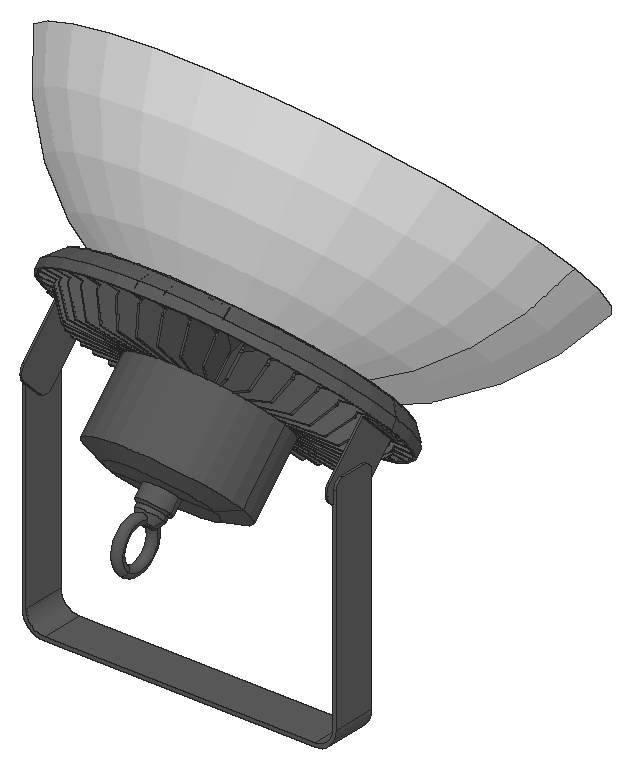
Revit family "0039362+0039353+0039356 Sylvania Lighting Fixture START HighBay IP65 DALI 13000lm 840 MB with BRACKET and ALU SHADE ALU COLOR FOR 13 19KLM", category Lighting Fixtures, host Face, Revit 2016
Family settings
  Host = Face
  Part Type = Normal
  Round Connector Dimension = Use Diameter
  OmniClass Number = 23.80.70.00
  OmniClass Title = Lighting
  Cut with Voids When Loaded = No
  Light Source = No
  Shared = No
  Room Calculation Point = No
Parameters (values of type "0039362+0039353+0039356  START HighBay IP65 DALI 13000lm 840 MB with BRACKET and ALU SHADE ALU COLOR FOR 13/19KLM")
  Weight = "3.0 kg"
  Wattage Comments = ""
  WarrantyStartDate [instance] = "n/a"
  WarrantyGuarantorParts = "n/a"
  WarrantyDurationUnit = "n/a"
  WarrantyDurationParts = "n/a"
  WarrantyDescription = "n/a"
  Voltage = 0 V
  URL = "http://www.sylvania-lighting.com"
  TypeName = "START HighBay IP65 DALI 13000lm 840 MB with BRACKET and ALU SHADE ALU COLOR FOR 13/19KLM"
  TypeHead_FEILO = Start LED Highbay DALI Head : 0039362+0039353+0039356 START HighBay IP65 DALI 13000lm 840 MB with BRACKET and ALU SHADE ALU COLOR FOR 13/19KLM
  Type Image = <None>
  Type Comments = "n/a"
  TiltAngle_FEILO [instance] = 45.00°
  ThicknessBracketPlate_FEILO = 3 mm
  SizeBracketS_FEILO = yes
  SizeBracketM_FEILO = no
  SerialNumber [instance] = "n/a"
  RadiusBracketTop_FEILO = 7 mm
  RadiusBendOut_FEILO = if(SizeBracketS_FEILO, 18 mm, if(SizeBracketM_FEILO, 24 mm, 28 mm))  # 18 mm
  RadiusBendIn_FEILO = RadiusBendOut_FEILO - ThicknessBracketPlate_FEILO  # 15 mm
  Material_3_FEILO = none
  PowerFactor = 0.95
  PowerConsumption = "90 W"
  NominalLength = 270 mm
  NominalHeight = 175 mm
  NominalDepth = 270 mm
  Name = "START HighBay IP65 DALI 13000lm 840 MB with BRACKET and ALU SHADE ALU COLOR FOR 13/19KLM"
  ModelReference = Name  # "START HighBay IP65 DALI 13000lm 840 MB with BRACKET and ALU SHADE ALU COLOR FOR 13/19KLM"
  ModelNumber = "0039362+0039353+0039356"
  Model = Name  # "START HighBay IP65 DALI 13000lm 840 MB with BRACKET and ALU SHADE ALU COLOR FOR 13/19KLM"
  Material = "aluminium alloy housing, polycarbonate diffuser"
  ManufacturerName = "Feilo Sylvania"
  Manufacturer = "Feilo Sylvania"
  LuminousEfficacy = "130 lm/W"
  LuminaireType = ""
  LightOutputRatio = "n/a"
  LampsType = Lamp  # "LED"
  LampNominalLuminous = "11700 lm"
  LampMacAdamStep = "6"
  LampColourTemperature = "4000 K"
  LampColourRenderingIndex = "80"
  Lamp = "LED"
  Keynote = "16500"
  InstallationDate [instance] = "n/a"
  InputVoltage = "n/a"
  InputNominalFrequency = "50/60 Hz"
  IngressProtection = "IP65"
  ImpactProtectionIndex = "IK08"
  IfcExportType = "IfcLightFixtureType"
  IfcExportAs = "IfcLightFixtureType"
  ExpectedLife = 50000
  EndAngle_FEILO [instance] = TiltAngle_FEILO + 180.00°  # 225.00°
  ElectricShockClassification = "Class I"
  DurationUnit = "hours"
  DocumentationLiterature = "http://www.sylvania-lighting.com/product/en-int/products/0039362"
  DimmingControlOptions = "Dimmable"
  Material_2_FEILO = none
  Description = "START Highbay, includes 1 m cables, black aluminium housing, 11,700 Lm, 90 W, 130 Lm/W, 4000 K, drive current: 2000 mA, CRI 80, 60° beam angle, DALI dimmable, IP65, IK08, 50,000 hrs (L80/B50), (D x H) 270 x 175 mm."
  Default Elevation = 1219.2 mm
  CreatedOn = "5/15/2018"
  CreatedBy = "aron.fodor@sylvania-lighting.com"
  Cost = 0
  built-in parameter 1114216 [instance] = (empty or 0)
  ClassificationValue = "EF_70_80"
  ClassificationName = "Uniclass2015"
  Material_1_FEILO = Body-Sylvania-StartHighbay-Black
  BracketHeight_FEILO = if(SizeBracketS_FEILO, 199.5 mm, if(SizeBracketM_FEILO, 209.6 mm, 201.3 mm))  # 199.5 mm
  BracketDistanceInner_FEILO = if(SizeBracketS_FEILO, 249.4 mm, if(SizeBracketM_FEILO, 273.6 mm, 313.2 mm))  # 249.4 mm
  BarCode [instance] = "n/a"
  AssetType = "Fixed"
  AssetIdentifier [instance] = "n/a"
  Assembly Code = "D5020200"
  Apparent Load = 90 VA
  Material_4_FEILO = none
Reference planes
  plane 1 "Center (Front/Back)": y = 0
  plane 2: z = 0
  plane 3 "Center (Left/Right)": x = 0
  plane 4: x = -127.7
  plane 5: x = 127.7
  plane 6: z = 199.5
  plane 7: x = -124.7
  plane 8: z = 3
  plane 9: x = 124.7
  plane 10: y = 17.5
  plane 11: y = -17.5
  plane 12: y = -19.5
  plane 13: z = 201.5
  plane 14: y = 19.5
  plane 15: z = 190.5
Forms (mm)
  Extrusion 1, solid, material "Body-Sylvania-StartHighbay-Black" <- "Material_1_FEILO"
    sketch origin (0, 0, 0) x (1, 0, 0) y (0, 0, 1)
      loop
        line (-127.7, 199.5) -> (-127.7, 18)
        arc (-127.7, 18) -> (-122.428, 5.272) -> (-109.7, 0) r 18
        line (-109.7, 0) -> (109.7, 0)
        arc (109.7, 0) -> (122.428, 5.272) -> (127.7, 18) r 18
        line (127.7, 18) -> (127.7, 199.5) -> (124.7, 199.5) -> (124.7, 18)
        arc (124.7, 18) -> (120.307, 7.393) -> (109.7, 3) r 15
        line (109.7, 3) -> (-109.7, 3)
        arc (-109.7, 3) -> (-120.307, 7.393) -> (-124.7, 18) r 15
        line (-124.7, 18) -> (-124.7, 199.5) -> (-127.7, 199.5)
    from -17.5 to 17.5
  Extrusion 2, void
    sketch origin (0, 0, 0) x (0, 1, 0) y (0, 0, 1)
      loop
        arc (10.5, 199.5) -> (15.45, 197.45) -> (17.5, 192.5) r 7
        line (17.5, 192.5) -> (19.5, 192.5) -> (19.5, 201.5) -> (-19.5, 201.5) -> (-19.5, 192.5) -> (-17.5, 192.5)
        arc (-17.5, 192.5) -> (-15.45, 197.45) -> (-10.5, 199.5) r 7
        line (-10.5, 199.5) -> (10.5, 199.5)
    from -127.7 to 127.7
  Revolve 3, solid, not visible
    sketch origin (1223.4, -4572, 190.5) x (0, -1, 0) y (1, 0, 0)
      loop
        line (-4572, -1223.4) -> (-4591.5, -1223.4) -> (-4591.5, -1277.783) -> (-4572, -1277.783) -> (-4572, -1223.4)
      axis (-4572, -1223.4) -> (-4572, -1277.783)
    angle from 45 <- "TiltAngle_FEILO" to 225 <- "EndAngle_FEILO"
Cuts and joins
  Extrusion 2 cuts Extrusion 1
Dimensions and locks
  "BracketHeight_FEILO": plane 6 to plane 2
  equal spacing: plane 11, plane 1 "Center (Front/Back)", plane 10
  locked: plane 11 to plane 10 at 35
  equal spacing: plane 9, plane 3 "Center (Left/Right)", plane 7
  "BracketDistanceInner_FEILO": plane 9 to plane 7
  "ThicknessBracketPlate_FEILO": plane 7 to plane 4
  "ThicknessBracketPlate_FEILO": plane 8 to plane 2
  equal spacing: plane 5, plane 3 "Center (Left/Right)", plane 4
  equal spacing: plane 12, plane 1 "Center (Front/Back)", plane 14
  locked: plane 6 to plane 13 at 2
  locked: plane 12 to plane 11 at 2
  locked: plane 6 to plane 15 at 9
  "RadiusBendOut_FEILO": radius of Extrusion 1 sketch curve  (x2)
  "RadiusBendIn_FEILO": radius of Extrusion 1 sketch curve  (x2)
  "RadiusBracketTop_FEILO": radius of Extrusion 2 sketch curve  (x2)
  aligned and locked: plane 2 to host face
  aligned and locked: level to host face
  aligned and locked: Extrusion 1 sketch curve to plane 4
  aligned and locked: Extrusion 1 sketch curve to level
  aligned and locked: plane 6 to Extrusion 1 sketch curve
  aligned and locked: Extrusion 1 sketch curve to plane 6
  aligned and locked: Extrusion 1 sketch curve to plane 7
  aligned and locked: plane 9 to Extrusion 1 sketch curve
  aligned and locked: plane 8 to Extrusion 1 sketch curve
  aligned and locked: Extrusion 1 to plane 10
  aligned and locked: plane 11 to Extrusion 1
  aligned and locked: Extrusion 1 to Extrusion 2 sketch curve
  aligned and locked: plane 14 to Extrusion 2 sketch curve  (x2)
  aligned and locked: Extrusion 2 sketch curve to plane 12
  aligned and locked: plane 13 to Extrusion 2 sketch curve
  aligned and locked: plane 5 to Extrusion 2
  aligned and locked: Extrusion 2 to plane 4
  aligned and locked: Revolve 3 sketch curve to plane 1 "Center (Front/Back)"
  aligned and locked: Revolve 3 sketch curve to Revolve 3 sketch curve
  aligned and locked: plane 3 "Center (Left/Right)" to Revolve 3 sketch curve
  aligned and locked: Revolve 3 sketch curve to plane 14
  aligned and locked: nested 1 to plane 3 "Center (Left/Right)"
Automatic sketch dimensions
  host sketch curve to host sketch curve = 2438.4 mm  (x2)
  Revolve 3 sketch curve to Revolve 3 sketch curve = 54.383 mm
  Revolve 3 sketch curve to plane 4 = 1396.3 mm
  plane 5 to Revolve 3 sketch curve = 1396.3 mm
  Extrusion 1 sketch curve to Extrusion 1 sketch curve = 0 mm
  Extrusion 2 sketch curve to plane 11 = 0 mm
  Extrusion 2 sketch curve to plane 10 = 0 mm
Nested families
  nested 1: "Start LED Highbay DALI Head" at (0, 0, 190.5) x (-1, 0, 0) z (0, 0.7071, 0.7071), type <- "TypeHead_FEILO", type "0039362+0039353+0039356 START HighBay IP65 DALI 13000lm 840 MB with BRACKET and ALU SHADE ALU COLOR FOR 13/19KLM"
    with built-in parameter 1114216 (empty or 0)
Connectors
  electrical at (0, 0, 0), driven by "Apparent Load", driven by "PowerFactor", driven by "Voltage"
    settings: index 1, voltage 0 V, apparent load 90 VA, apparent load phase1 0 VA, apparent load phase2 0 VA, apparent load phase3 0 VA, power factor 0.95, load classification "Lighting", number of poles 1, system type 30, power factor state 1, is connector primary yes, connector utility no, sub classification motor no, connector description ""
Definition of nested family "Start LED Highbay DALI Head"
  Parameters (values of type "0039367+0039355+0039361 START HighBay IP65 DALI 26000lm 840 WB with BRACKET and PC LAMPSHADE TRANSPARENT FOR 26KLM")
    X_FEILO = if(SizeS_FEILO, 60.3 mm, if(SizeM_FEILO, 70.4 mm, 83.5 mm))  # 83.5 mm
    WidthStraight_FEILO = if(SizeS_FEILO, 3 mm, if(SizeM_FEILO, 4 mm, 4.7 mm))  # 4.7 mm
    WidthRingChamfer_FEILO = if(SizeS_FEILO, 10.3 mm, if(SizeM_FEILO, 11.2 mm, 12.9 mm))  # 12.9 mm
    WidthCurved_FEILO = if(SizeS_FEILO, 17.4 mm, if(SizeM_FEILO, 16.4 mm, 26.2 mm))  # 26.2 mm
    WidthCurvedRing_FEILO = if(SizeS_FEILO, 3 mm, if(SizeM_FEILO, 4 mm, 4.7 mm))  # 4.7 mm
    WidthBracket_FEILO = 40 mm
    Wattage Comments = ""
    Wattage = 190 W
    built-in parameter 1150110 = 1 (stored number, unit not read)
    URL = "http://www.sylvania-lighting.com"
    Type Image = (empty or 0)
    Type Comments = "n/a"
    built-in parameter 1114217 = 1 (stored number, unit not read)
    Tilt Angle = -90.00°
    ThicknessWall_FEILO = 1.5 mm
    ThicknessBracket_FEILO = 1.5 mm
    ThicknessBracketHalf_FEILO = ThicknessBracket_FEILO / 2  # 0.75 mm
    built-in parameter 1150109 = 1 (stored number, unit not read)
    built-in parameter 1150134 = 1
    built-in parameter 1150113 = 1 (stored number, unit not read)
    SizeS_FEILO = no
    SizeM_FEILO = no
    ShadeThickness_FEILO = 3 mm
    ShadeSizeSM_FEILO = or(SizeS_FEILO, SizeM_FEILO)  # no
    ShadeRadiusOut_FEILO = 205 mm
    ShadeRadiusIn_FEILO = if(ShadeSizeSM_FEILO, 95 mm, 121 mm)  # 121 mm
    ShadeRadiusBend_FEILO = if(ShadeSizeSM_FEILO, 210 mm, 210 mm)  # 210 mm
    ShadeOn_FEILO = yes
    ShadeHeight_FEILO = if(ShadeSizeSM_FEILO, 120 mm, 151 mm)  # 151 mm
    Rib4_FEILO = if(SizeS_FEILO, 18.1 mm, if(SizeM_FEILO, 13.6 mm, 14.6 mm))  # 14.6 mm
    Rib3_FEILO = if(SizeS_FEILO, 15.3 mm, if(SizeM_FEILO, 17.6 mm, 20.2 mm))  # 20.2 mm
    Rib2_FEILO = if(SizeS_FEILO, 3.6 mm, if(SizeM_FEILO, 3.9 mm, 4.5 mm))  # 4.5 mm
    Rib1_FEILO = if(SizeS_FEILO, 15.1 mm, if(SizeM_FEILO, 16.5 mm, 19 mm))  # 19 mm
    RadiusDiffuser_FEILO = if(SizeS_FEILO, 95.2 mm, if(SizeM_FEILO, 105.3 mm, 120 mm))  # 120 mm
    RadiusArrayPost_FEILO = DriverRadius_FEILO - 6 mm  # 70.4 mm
    RHRadius3_FEILO = if(SizeS_FEILO, 6.6 mm, if(SizeM_FEILO, 7.4 mm, 8.6 mm))  # 8.6 mm
    RHRadius2_FEILO = if(SizeS_FEILO, 11 mm, if(SizeM_FEILO, 12 mm, 14 mm))  # 14 mm
    RHRadius1_FEILO = if(SizeS_FEILO, 13.6 mm, if(SizeM_FEILO, 14.9 mm, 17.7 mm))  # 17.7 mm
    RHHeight4_FEILO = if(SizeS_FEILO, 7.3 mm, if(SizeM_FEILO, 8 mm, 9.2 mm))  # 9.2 mm
    RHHeight3_FEILO = if(SizeS_FEILO, 3.6 mm, if(SizeM_FEILO, 3.7 mm, 4.6 mm))  # 4.6 mm
    RHHeight2_FEILO = if(SizeS_FEILO, 2 mm, if(SizeM_FEILO, 2.2 mm, 2.6 mm))  # 2.6 mm
    RHHeight1_FEILO = if(SizeS_FEILO, 11.8 mm, if(SizeM_FEILO, 15.3 mm, 17.4 mm))  # 17.4 mm
    Photometric Web File = "0039367+0039361.ies"
    Material_5_FEILO = none
    Material_3_FEILO = none
    Model = "START HighBay IP65 DALI 26000lm 840 WB with BRACKET and PC LAMPSHADE TRANSPARENT FOR 26KLM"
    Manufacturer = "Feilo Sylvania"
    built-in parameter 1150105 = 33385.3 (stored number, unit not read)
    Lumens = 24700 lm
    built-in parameter 1150115 = 1 (stored number, unit not read)
    built-in parameter 1150137 = (empty or 0)
    built-in parameter 1150139 = (empty or 0)
    built-in parameter 1150112 = 1 (stored number, unit not read)
    built-in parameter 1150114 = 1 (stored number, unit not read)
    Lamp = "LED"
    Keynote = "16500"
    built-in parameter 1150132 = (empty or 0)
    built-in parameter 1150102 = (empty or 0)
    built-in parameter 1150107 = 6500 (stored number, unit not read)
    built-in parameter 1150138 = (empty or 0)
    built-in parameter 1150106 = 333.85 (stored number, unit not read)
    HeightRing_FEILO = if(SizeS_FEILO, 19.8 mm, if(SizeM_FEILO, 32 mm, 36.8 mm))  # 36.8 mm
    HeightRingChamfer_FEILO = if(SizeS_FEILO, 11.7 mm, if(SizeM_FEILO, 23.2 mm, 26.6 mm))  # 26.6 mm
    EyeThickness_FEILO = if(SizeS_FEILO, 8.4 mm, if(SizeM_FEILO, 9.2 mm, 10.5 mm))  # 10.5 mm
    EyeThicknessHalf_FEILO = EyeThickness_FEILO / 2  # 5.25 mm
    EyeInner_FEILO = if(SizeS_FEILO, 13.8 mm, if(SizeM_FEILO, 15.1 mm, 17.3 mm))  # 17.3 mm
    Emit from Circle Diameter = RadiusDiffuser_FEILO * 2  # 240 mm
    Emit Shape Visible in Rendering = no
    built-in parameter 1150104 = 12.077 (stored number, unit not read)
    DriverVerticalStraight_FEILO = if(SizeS_FEILO, 46.5 mm, if(SizeM_FEILO, 49.7 mm, 57 mm))  # 57 mm
    DriverVerticalChamfer_FEILO = if(SizeS_FEILO, 7.5 mm, if(SizeM_FEILO, 8.2 mm, 9.5 mm))  # 9.5 mm
    DriverRadius_FEILO = if(SizeS_FEILO, 61.4 mm, if(SizeM_FEILO, 67.2 mm, 76.4 mm))  # 76.4 mm
    DriverRadiusTop_FEILO = if(SizeS_FEILO, 42 mm, if(SizeM_FEILO, 45.3 mm, 52.4 mm))  # 52.4 mm
    DriverBottom_FEILO = if(SizeS_FEILO, 56 mm, if(SizeM_FEILO, 64.5 mm, 74 mm))  # 74 mm
    Material_2_FEILO = none
    Radius_FEILO = if(SizeS_FEILO, 135 mm, if(SizeM_FEILO, 148 mm, 169.5 mm))  # 169.5 mm
    Dimming Lamp Color Temperature Shift = (empty or 0)
    DiameterWire_FEILO = 3 mm
    DiameterWireSupport_FEILO = 10 mm
    Description = "START Highbay, includes 1 m cables, black aluminium housing, 24,700 Lm, 190 W, 130 Lm/W, 6500 K, drive current: 4100 mA, CRI 80, 90° beam angle, DALI dimmable, IP65, IK08, 50,000 hrs (L80/B50), (D x H) 339 x 189 mm."
    Default Elevation = 1219.2 mm
    Cost = 0
    Color Filter = 16777215
    built-in parameter 1114216 [instance] = (empty or 0)
    Material_1_FEILO = none
    built-in parameter 1114218 = 1 (stored number, unit not read)
    built-in parameter 1150133 = 10 (stored number, unit not read)
    Assembly Code = "D5020200"
    Apparent Load = 190 VA
    Material_4_FEILO = none
  Types (24, lengths in mm): name | X_FEILO | WidthStraight_FEILO | WidthRingChamfer_FEILO | WidthCurved_FEILO | WidthCurvedRing_FEILO | Wattage | built-in parameter 1150134 | SizeS_FEILO | SizeM_FEILO | ShadeSizeSM_FEILO | ShadeRadiusIn_FEILO | ShadeOn_FEILO | ShadeHeight_FEILO | Rib4_FEILO | Rib3_FEILO | Rib2_FEILO | Rib1_FEILO | RadiusDiffuser_FEILO | RadiusArrayPost_FEILO | RHRadius3_FEILO | RHRadius2_FEILO | RHRadius1_FEILO | RHHeight4_FEILO | RHHeight3_FEILO | RHHeight2_FEILO | RHHeight1_FEILO | Photometric Web File | Model | built-in parameter 1150105 | Lumens | built-in parameter 1150107 | built-in parameter 1150106 | HeightRing_FEILO | HeightRingChamfer_FEILO | EyeThickness_FEILO | EyeThicknessHalf_FEILO | EyeInner_FEILO | Emit from Circle Diameter | DriverVerticalStraight_FEILO | DriverVerticalChamfer_FEILO | DriverRadius_FEILO | DriverRadiusTop_FEILO | DriverBottom_FEILO | Radius_FEILO | Description | Apparent Load
    0039367+0039355+0039361 START HighBay IP65 DALI 26000lm 840 WB with BRACKET and PC LAMPSHADE TRANSPARENT FOR 26KLM | 83.5 | 4.7 | 12.9 | 26.2 | 4.7 | 190 W | 1 | no | no | no | 121 | yes | 151 | 14.6 | 20.2 | 4.5 | 19 | 120 | 70.4 | 8.6 | 14 | 17.7 | 9.2 | 4.6 | 2.6 | 17.4 | "0039367+0039361.ies" | "START HighBay IP65 DALI 26000lm 840 WB with BRACKET and PC LAMPSHADE TRANSPARENT FOR 26KLM" | 33385.3 (stored number, unit not read) | 24700 lm | 6500 (stored number, unit not read) | 333.85 (stored number, unit not read) | 36.8 | 26.6 | 10.5 | 5.25 | 17.3 | 240 | 57 | 9.5 | 76.4 | 52.4 | 74 | 169.5 | "START Highbay, includes 1 m cables, black aluminium housing, 24,700 Lm, 190 W, 130 Lm/W, 6500 K, drive current: 4100 mA, CRI 80, 90° beam angle, DALI dimmable, IP65, IK08, 50,000 hrs (L80/B50), (D x H) 339 x 189 mm." | 190 VA
    0039367+0039355+0039360 START HighBay IP65 DALI 26000lm 840 WB with BRACKET and ALU SHADE BLACK COLOR FOR 26KLM | 83.5 | 4.7 | 12.9 | 26.2 | 4.7 | 190 W | 1 | no | no | no | 121 | yes | 151 | 14.6 | 20.2 | 4.5 | 19 | 120 | 70.4 | 8.6 | 14 | 17.7 | 9.2 | 4.6 | 2.6 | 17.4 | "0039367+0039360.ies" | "START HighBay IP65 DALI 26000lm 840 WB with BRACKET and ALU SHADE BLACK COLOR FOR 26KLM" | 33569.2 (stored number, unit not read) | 24700 lm | 6500 (stored number, unit not read) | 335.69 (stored number, unit not read) | 36.8 | 26.6 | 10.5 | 5.25 | 17.3 | 240 | 57 | 9.5 | 76.4 | 52.4 | 74 | 169.5 | "START Highbay, includes 1 m cables, black aluminium housing, 24,700 Lm, 190 W, 130 Lm/W, 6500 K, drive current: 4100 mA, CRI 80, 90° beam angle, DALI dimmable, IP65, IK08, 50,000 hrs (L80/B50), (D x H) 339 x 189 mm." | 190 VA
    0039367+0039355+0039359 START HighBay IP65 DALI 26000lm 840 WB with BRACKET and ALU SHADE ALU COLOR FOR 26KLM | 83.5 | 4.7 | 12.9 | 26.2 | 4.7 | 190 W | 1 | no | no | no | 121 | yes | 151 | 14.6 | 20.2 | 4.5 | 19 | 120 | 70.4 | 8.6 | 14 | 17.7 | 9.2 | 4.6 | 2.6 | 17.4 | "0039367+0039359.ies" | "START HighBay IP65 DALI 26000lm 840 WB with BRACKET and ALU SHADE ALU COLOR FOR 26KLM" | 33569.2 (stored number, unit not read) | 24700 lm | 6500 (stored number, unit not read) | 335.69 (stored number, unit not read) | 36.8 | 26.6 | 10.5 | 5.25 | 17.3 | 240 | 57 | 9.5 | 76.4 | 52.4 | 74 | 169.5 | "START Highbay, includes 1 m cables, black aluminium housing, 24,700 Lm, 190 W, 130 Lm/W, 6500 K, drive current: 4100 mA, CRI 80, 90° beam angle, DALI dimmable, IP65, IK08, 50,000 hrs (L80/B50), (D x H) 339 x 189 mm." | 190 VA
    0039367+0039355 START HighBay IP65 DALI 26000lm 840 WB with BRACKET | 83.5 | 4.7 | 12.9 | 26.2 | 4.7 | 190 W | 1 | no | no | no | 121 | no | 151 | 14.6 | 20.2 | 4.5 | 19 | 120 | 70.4 | 8.6 | 14 | 17.7 | 9.2 | 4.6 | 2.6 | 17.4 | "0039367.ies" | "START HighBay IP65 DALI 26000lm 840 WB with BRACKET" | 13532 (stored number, unit not read) | 24700 lm | 6500 (stored number, unit not read) | 135.32 (stored number, unit not read) | 36.8 | 26.6 | 10.5 | 5.25 | 17.3 | 240 | 57 | 9.5 | 76.4 | 52.4 | 74 | 169.5 | "START Highbay, includes 1 m cables, black aluminium housing, 24,700 Lm, 190 W, 130 Lm/W, 6500 K, drive current: 4100 mA, CRI 80, 90° beam angle, DALI dimmable, IP65, IK08, 50,000 hrs (L80/B50), (D x H) 339 x 189 mm." | 190 VA
    0039366+0039354+0039358 START HighBay IP65 DALI 19000lm 840 WB with BRACKET and PC LAMPSHADE TRANSPARENT 13/19KLM | 70.4 | 4 | 11.2 | 16.4 | 4 | 150 W | 1 | no | yes | yes | 95 | yes | 120 | 13.6 | 17.6 | 3.9 | 16.5 | 105.3 | 61.2 | 7.4 | 12 | 14.9 | 8 | 3.7 | 2.2 | 15.3 | "0039366+0039358.ies" | "START HighBay IP65 DALI 19000lm 840 WB with BRACKET and PC LAMPSHADE TRANSPARENT 13/19KLM" | 26356.9 (stored number, unit not read) | 19500 lm | 6500 (stored number, unit not read) | 263.57 (stored number, unit not read) | 32 | 23.2 | 9.2 | 4.6 | 15.1 | 210.6 | 49.7 | 8.2 | 67.2 | 45.3 | 64.5 | 148 | "START Highbay, includes 1 m cables, black aluminium housing, 19,500 Lm, 150 W, 130 Lm/W, 6500 K, drive current: 3300 mA, CRI 80, 90° beam angle, DALI dimmable, IP65, IK08, 50,000 hrs (L80/B50), (D x H) 296 x 172 mm." | 150 VA
    0039366+0039354+0039357 START HighBay IP65 DALI 19000lm 840 WB with BRACKET and ALU SHADE BLACK COLOR FOR 13/19KLM | 70.4 | 4 | 11.2 | 16.4 | 4 | 150 W | 1 | no | yes | yes | 95 | yes | 120 | 13.6 | 17.6 | 3.9 | 16.5 | 105.3 | 61.2 | 7.4 | 12 | 14.9 | 8 | 3.7 | 2.2 | 15.3 | "0039366+0039357.ies" | "START HighBay IP65 DALI 19000lm 840 WB with BRACKET and ALU SHADE BLACK COLOR FOR 13/19KLM" | 26502 (stored number, unit not read) | 19500 lm | 6500 (stored number, unit not read) | 265.02 (stored number, unit not read) | 32 | 23.2 | 9.2 | 4.6 | 15.1 | 210.6 | 49.7 | 8.2 | 67.2 | 45.3 | 64.5 | 148 | "START Highbay, includes 1 m cables, black aluminium housing, 19,500 Lm, 150 W, 130 Lm/W, 6500 K, drive current: 3300 mA, CRI 80, 90° beam angle, DALI dimmable, IP65, IK08, 50,000 hrs (L80/B50), (D x H) 296 x 172 mm." | 150 VA
    0039366+0039354+0039356 START HighBay IP65 DALI 19000lm 840 WB with BRACKET and ALU SHADE ALU COLOR FOR 13/19KLM | 70.4 | 4 | 11.2 | 16.4 | 4 | 150 W | 1 | no | yes | yes | 95 | yes | 120 | 13.6 | 17.6 | 3.9 | 16.5 | 105.3 | 61.2 | 7.4 | 12 | 14.9 | 8 | 3.7 | 2.2 | 15.3 | "0039366+0039356.ies" | "START HighBay IP65 DALI 19000lm 840 WB with BRACKET and ALU SHADE ALU COLOR FOR 13/19KLM" | 26502 (stored number, unit not read) | 19500 lm | 6500 (stored number, unit not read) | 265.02 (stored number, unit not read) | 32 | 23.2 | 9.2 | 4.6 | 15.1 | 210.6 | 49.7 | 8.2 | 67.2 | 45.3 | 64.5 | 148 | "START Highbay, includes 1 m cables, black aluminium housing, 19,500 Lm, 150 W, 130 Lm/W, 6500 K, drive current: 3300 mA, CRI 80, 90° beam angle, DALI dimmable, IP65, IK08, 50,000 hrs (L80/B50), (D x H) 296 x 172 mm." | 150 VA
    0039366+0039354 START HighBay IP65 DALI 19000lm 840 WB with BRACKET | 70.4 | 4 | 11.2 | 16.4 | 4 | 150 W | 1 | no | yes | yes | 95 | no | 120 | 13.6 | 17.6 | 3.9 | 16.5 | 105.3 | 61.2 | 7.4 | 12 | 14.9 | 8 | 3.7 | 2.2 | 15.3 | "0039366.ies" | "START HighBay IP65 DALI 19000lm 840 WB with BRACKET" | 10981.5 (stored number, unit not read) | 19500 lm | 6500 (stored number, unit not read) | 109.82 (stored number, unit not read) | 32 | 23.2 | 9.2 | 4.6 | 15.1 | 210.6 | 49.7 | 8.2 | 67.2 | 45.3 | 64.5 | 148 | "START Highbay, includes 1 m cables, black aluminium housing, 19,500 Lm, 150 W, 130 Lm/W, 6500 K, drive current: 3300 mA, CRI 80, 90° beam angle, DALI dimmable, IP65, IK08, 50,000 hrs (L80/B50), (D x H) 296 x 172 mm." | 150 VA
    0039365+0039353+0039358 START HighBay IP65 DALI 13000lm 840 WB with BRACKET and PC LAMPSHADE TRANSPARENT 13/19KLM | 60.3 | 3 | 10.3 | 17.4 | 3 | 90 W | 1 | yes | no | yes | 95 | yes | 120 | 18.1 | 15.3 | 3.6 | 15.1 | 95.2 | 55.4 | 6.6 | 11 | 13.6 | 7.3 | 3.6 | 2 | 11.8 | "0039365+0039358.ies" | "START HighBay IP65 DALI 13000lm 840 WB with BRACKET and PC LAMPSHADE TRANSPARENT 13/19KLM" | 15814.1 (stored number, unit not read) | 11700 lm | 6500 (stored number, unit not read) | 158.14 (stored number, unit not read) | 19.8 | 11.7 | 8.4 | 4.2 | 13.8 | 190.4 | 46.5 | 7.5 | 61.4 | 42 | 56 | 135 | "START Highbay, includes 1 m cables, black aluminium housing, 11,700 Lm, 90 W, 130 Lm/W, 6500 K, drive current: 2000 mA, CRI 80, 90° beam angle, DALI dimmable, IP65, IK08, 50,000 hrs (L80/B50), (D x H) 270 x 175 mm." | 90 VA
    0039365+0039353+0039357 START HighBay IP65 DALI 13000lm 840 WB with BRACKET and ALU SHADE BLACK COLOR FOR 13/19KLM | 60.3 | 3 | 10.3 | 17.4 | 3 | 90 W | 1 | yes | no | yes | 95 | yes | 120 | 18.1 | 15.3 | 3.6 | 15.1 | 95.2 | 55.4 | 6.6 | 11 | 13.6 | 7.3 | 3.6 | 2 | 11.8 | "0039365+0039357.ies" | "START HighBay IP65 DALI 13000lm 840 WB with BRACKET and ALU SHADE BLACK COLOR FOR 13/19KLM" | 15901.2 (stored number, unit not read) | 11700 lm | 6500 (stored number, unit not read) | 159.01 (stored number, unit not read) | 19.8 | 11.7 | 8.4 | 4.2 | 13.8 | 190.4 | 46.5 | 7.5 | 61.4 | 42 | 56 | 135 | "START Highbay, includes 1 m cables, black aluminium housing, 11,700 Lm, 90 W, 130 Lm/W, 6500 K, drive current: 2000 mA, CRI 80, 90° beam angle, DALI dimmable, IP65, IK08, 50,000 hrs (L80/B50), (D x H) 270 x 175 mm." | 90 VA
    0039365+0039353+0039356 START HighBay IP65 DALI 13000lm 840 WB with BRACKET and ALU SHADE ALU COLOR FOR 13/19KLM | 60.3 | 3 | 10.3 | 17.4 | 3 | 90 W | 1 | yes | no | yes | 95 | yes | 120 | 18.1 | 15.3 | 3.6 | 15.1 | 95.2 | 55.4 | 6.6 | 11 | 13.6 | 7.3 | 3.6 | 2 | 11.8 | "0039365+0039356.ies" | "START HighBay IP65 DALI 13000lm 840 WB with BRACKET and ALU SHADE ALU COLOR FOR 13/19KLM" | 15901.2 (stored number, unit not read) | 11700 lm | 6500 (stored number, unit not read) | 159.01 (stored number, unit not read) | 19.8 | 11.7 | 8.4 | 4.2 | 13.8 | 190.4 | 46.5 | 7.5 | 61.4 | 42 | 56 | 135 | "START Highbay, includes 1 m cables, black aluminium housing, 11,700 Lm, 90 W, 130 Lm/W, 6500 K, drive current: 2000 mA, CRI 80, 90° beam angle, DALI dimmable, IP65, IK08, 50,000 hrs (L80/B50), (D x H) 270 x 175 mm." | 90 VA
    0039365+0039353 START HighBay IP65 DALI 13000lm 840 WB with BRACKET | 60.3 | 3 | 10.3 | 17.4 | 3 | 90 W | 1 | yes | no | yes | 95 | no | 120 | 18.1 | 15.3 | 3.6 | 15.1 | 95.2 | 55.4 | 6.6 | 11 | 13.6 | 7.3 | 3.6 | 2 | 11.8 | "0039365.ies" | "START HighBay IP65 DALI 13000lm 840 WB with BRACKET" | 6365.5 (stored number, unit not read) | 11700 lm | 6500 (stored number, unit not read) | 63.655 (stored number, unit not read) | 19.8 | 11.7 | 8.4 | 4.2 | 13.8 | 190.4 | 46.5 | 7.5 | 61.4 | 42 | 56 | 135 | "START Highbay, includes 1 m cables, black aluminium housing, 11,700 Lm, 90 W, 130 Lm/W, 6500 K, drive current: 2000 mA, CRI 80, 90° beam angle, DALI dimmable, IP65, IK08, 50,000 hrs (L80/B50), (D x H) 270 x 175 mm." | 90 VA
    0039364+0039355+0039361 START HighBay IP65 DALI 26000lm 840 MB with BRACKET and PC LAMPSHADE TRANSPARENT FOR 26KLM | 83.5 | 4.7 | 12.9 | 26.2 | 4.7 | 190 W | 12 | no | no | no | 121 | yes | 151 | 14.6 | 20.2 | 4.5 | 19 | 120 | 70.4 | 8.6 | 14 | 17.7 | 9.2 | 4.6 | 2.6 | 17.4 | "0039364+0039361.ies" | "START HighBay IP65 DALI 26000lm 840 MB with BRACKET and PC LAMPSHADE TRANSPARENT FOR 26KLM" | 33385.3 (stored number, unit not read) | 24700 lm | 4000 (stored number, unit not read) | 333.85 (stored number, unit not read) | 36.8 | 26.6 | 10.5 | 5.25 | 17.3 | 240 | 57 | 9.5 | 76.4 | 52.4 | 74 | 169.5 | "START Highbay, includes 1 m cables, black aluminium housing, 24,700 Lm, 190 W, 130 Lm/W, 4000 K, drive current: 4100 mA, CRI 80, 60° beam angle, DALI dimmable, IP65, IK08, 50,000 hrs (L80/B50), (D x H) 339 x 189 mm." | 190 VA
    0039364+0039355+0039360 START HighBay IP65 DALI 26000lm 840 MB with BRACKET and ALU SHADE BLACK COLOR FOR 26KLM | 83.5 | 4.7 | 12.9 | 26.2 | 4.7 | 190 W | 12 | no | no | no | 121 | yes | 151 | 14.6 | 20.2 | 4.5 | 19 | 120 | 70.4 | 8.6 | 14 | 17.7 | 9.2 | 4.6 | 2.6 | 17.4 | "0039364+0039360.ies" | "START HighBay IP65 DALI 26000lm 840 MB with BRACKET and ALU SHADE BLACK COLOR FOR 26KLM" | 33569.2 (stored number, unit not read) | 24700 lm | 4000 (stored number, unit not read) | 335.69 (stored number, unit not read) | 36.8 | 26.6 | 10.5 | 5.25 | 17.3 | 240 | 57 | 9.5 | 76.4 | 52.4 | 74 | 169.5 | "START Highbay, includes 1 m cables, black aluminium housing, 24,700 Lm, 190 W, 130 Lm/W, 4000 K, drive current: 4100 mA, CRI 80, 60° beam angle, DALI dimmable, IP65, IK08, 50,000 hrs (L80/B50), (D x H) 339 x 189 mm." | 190 VA
    0039364+0039355+0039359 START HighBay IP65 DALI 26000lm 840 MB with BRACKET and ALU SHADE ALU COLOR FOR 26KLM | 83.5 | 4.7 | 12.9 | 26.2 | 4.7 | 190 W | 12 | no | no | no | 121 | yes | 151 | 14.6 | 20.2 | 4.5 | 19 | 120 | 70.4 | 8.6 | 14 | 17.7 | 9.2 | 4.6 | 2.6 | 17.4 | "0039364+0039359.ies" | "START HighBay IP65 DALI 26000lm 840 MB with BRACKET and ALU SHADE ALU COLOR FOR 26KLM" | 33569.2 (stored number, unit not read) | 24700 lm | 4000 (stored number, unit not read) | 335.69 (stored number, unit not read) | 36.8 | 26.6 | 10.5 | 5.25 | 17.3 | 240 | 57 | 9.5 | 76.4 | 52.4 | 74 | 169.5 | "START Highbay, includes 1 m cables, black aluminium housing, 24,700 Lm, 190 W, 130 Lm/W, 4000 K, drive current: 4100 mA, CRI 80, 60° beam angle, DALI dimmable, IP65, IK08, 50,000 hrs (L80/B50), (D x H) 339 x 189 mm." | 190 VA
    0039364+0039355 START HighBay IP65 DALI 26000lm 840 MB with BRACKET | 83.5 | 4.7 | 12.9 | 26.2 | 4.7 | 190 W | 12 | no | no | no | 121 | no | 151 | 14.6 | 20.2 | 4.5 | 19 | 120 | 70.4 | 8.6 | 14 | 17.7 | 9.2 | 4.6 | 2.6 | 17.4 | "0039364.ies" | "START HighBay IP65 DALI 26000lm 840 MB with BRACKET" | 26901.8 (stored number, unit not read) | 24700 lm | 4000 (stored number, unit not read) | 269.02 (stored number, unit not read) | 36.8 | 26.6 | 10.5 | 5.25 | 17.3 | 240 | 57 | 9.5 | 76.4 | 52.4 | 74 | 169.5 | "START Highbay, includes 1 m cables, black aluminium housing, 24,700 Lm, 190 W, 130 Lm/W, 4000 K, drive current: 4100 mA, CRI 80, 60° beam angle, DALI dimmable, IP65, IK08, 50,000 hrs (L80/B50), (D x H) 339 x 189 mm." | 190 VA
    0039363+0039354+0039358 START HighBay IP65 DALI 19000lm 840 MB with BRACKET and PC LAMPSHADE TRANSPARENT 13/19KLM | 70.4 | 4 | 11.2 | 16.4 | 4 | 150 W | 12 | no | yes | yes | 95 | yes | 120 | 13.6 | 17.6 | 3.9 | 16.5 | 105.3 | 61.2 | 7.4 | 12 | 14.9 | 8 | 3.7 | 2.2 | 15.3 | "0039363+0039358.ies" | "START HighBay IP65 DALI 19000lm 840 MB with BRACKET and PC LAMPSHADE TRANSPARENT 13/19KLM" | 26356.9 (stored number, unit not read) | 19500 lm | 4000 (stored number, unit not read) | 263.57 (stored number, unit not read) | 32 | 23.2 | 9.2 | 4.6 | 15.1 | 210.6 | 49.7 | 8.2 | 67.2 | 45.3 | 64.5 | 148 | "START Highbay, includes 1 m cables, black aluminium housing, 19,500 Lm, 150 W, 130 Lm/W, 4000 K, drive current: 3300 mA, CRI 80, 60° beam angle, DALI dimmable, IP65, IK08, 50,000 hrs (L80/B50), (D x H) 296 x 172 mm." | 150 VA
    0039363+0039354+0039357 START HighBay IP65 DALI 19000lm 840 MB with BRACKET and ALU SHADE BLACK COLOR FOR 13/19KLM | 70.4 | 4 | 11.2 | 16.4 | 4 | 150 W | 12 | no | yes | yes | 95 | yes | 120 | 13.6 | 17.6 | 3.9 | 16.5 | 105.3 | 61.2 | 7.4 | 12 | 14.9 | 8 | 3.7 | 2.2 | 15.3 | "0039363+0039357.ies" | "START HighBay IP65 DALI 19000lm 840 MB with BRACKET and ALU SHADE BLACK COLOR FOR 13/19KLM" | 26502 (stored number, unit not read) | 19500 lm | 4000 (stored number, unit not read) | 265.02 (stored number, unit not read) | 32 | 23.2 | 9.2 | 4.6 | 15.1 | 210.6 | 49.7 | 8.2 | 67.2 | 45.3 | 64.5 | 148 | "START Highbay, includes 1 m cables, black aluminium housing, 19,500 Lm, 150 W, 130 Lm/W, 4000 K, drive current: 3300 mA, CRI 80, 60° beam angle, DALI dimmable, IP65, IK08, 50,000 hrs (L80/B50), (D x H) 296 x 172 mm." | 150 VA
    0039363+0039354+0039356 START HighBay IP65 DALI 19000lm 840 MB with BRACKET and ALU SHADE ALU COLOR FOR 13/19KLM | 70.4 | 4 | 11.2 | 16.4 | 4 | 150 W | 12 | no | yes | yes | 95 | yes | 120 | 13.6 | 17.6 | 3.9 | 16.5 | 105.3 | 61.2 | 7.4 | 12 | 14.9 | 8 | 3.7 | 2.2 | 15.3 | "0039363+0039356.ies" | "START HighBay IP65 DALI 19000lm 840 MB with BRACKET and ALU SHADE ALU COLOR FOR 13/19KLM" | 26502 (stored number, unit not read) | 19500 lm | 4000 (stored number, unit not read) | 265.02 (stored number, unit not read) | 32 | 23.2 | 9.2 | 4.6 | 15.1 | 210.6 | 49.7 | 8.2 | 67.2 | 45.3 | 64.5 | 148 | "START Highbay, includes 1 m cables, black aluminium housing, 19,500 Lm, 150 W, 130 Lm/W, 4000 K, drive current: 3300 mA, CRI 80, 60° beam angle, DALI dimmable, IP65, IK08, 50,000 hrs (L80/B50), (D x H) 296 x 172 mm." | 150 VA
    0039363+0039354 START HighBay IP65 DALI 19000lm 840 MB with BRACKET | 70.4 | 4 | 11.2 | 16.4 | 4 | 150 W | 12 | no | yes | yes | 95 | no | 120 | 13.6 | 17.6 | 3.9 | 16.5 | 105.3 | 61.2 | 7.4 | 12 | 14.9 | 8 | 3.7 | 2.2 | 15.3 | "0039363.ies" | "START HighBay IP65 DALI 19000lm 840 MB with BRACKET" | 22125.4 (stored number, unit not read) | 19500 lm | 4000 (stored number, unit not read) | 221.25 (stored number, unit not read) | 32 | 23.2 | 9.2 | 4.6 | 15.1 | 210.6 | 49.7 | 8.2 | 67.2 | 45.3 | 64.5 | 148 | "START Highbay, includes 1 m cables, black aluminium housing, 19,500 Lm, 150 W, 130 Lm/W, 4000 K, drive current: 3300 mA, CRI 80, 60° beam angle, DALI dimmable, IP65, IK08, 50,000 hrs (L80/B50), (D x H) 296 x 172 mm." | 150 VA
    0039362+0039353+0039358 START HighBay IP65 DALI 13000lm 840 MB with BRACKET and PC LAMPSHADE TRANSPARENT 13/19KLM | 60.3 | 3 | 10.3 | 17.4 | 3 | 90 W | 12 | yes | no | yes | 95 | yes | 120 | 18.1 | 15.3 | 3.6 | 15.1 | 95.2 | 55.4 | 6.6 | 11 | 13.6 | 7.3 | 3.6 | 2 | 11.8 | "0039362+0039358.ies" | "START HighBay IP65 DALI 13000lm 840 MB with BRACKET and PC LAMPSHADE TRANSPARENT 13/19KLM" | 15814.1 (stored number, unit not read) | 11700 lm | 4000 (stored number, unit not read) | 158.14 (stored number, unit not read) | 19.8 | 11.7 | 8.4 | 4.2 | 13.8 | 190.4 | 46.5 | 7.5 | 61.4 | 42 | 56 | 135 | "START Highbay, includes 1 m cables, black aluminium housing, 11,700 Lm, 90 W, 130 Lm/W, 4000 K, drive current: 2000 mA, CRI 80, 60° beam angle, DALI dimmable, IP65, IK08, 50,000 hrs (L80/B50), (D x H) 270 x 175 mm." | 90 VA
    0039362+0039353+0039357 START HighBay IP65 DALI 13000lm 840 MB with BRACKET and ALU SHADE BLACK COLOR FOR 13/19KLM | 60.3 | 3 | 10.3 | 17.4 | 3 | 90 W | 12 | yes | no | yes | 95 | yes | 120 | 18.1 | 15.3 | 3.6 | 15.1 | 95.2 | 55.4 | 6.6 | 11 | 13.6 | 7.3 | 3.6 | 2 | 11.8 | "0039362+0039357.ies" | "START HighBay IP65 DALI 13000lm 840 MB with BRACKET and ALU SHADE BLACK COLOR FOR 13/19KLM" | 15901.2 (stored number, unit not read) | 11700 lm | 4000 (stored number, unit not read) | 159.01 (stored number, unit not read) | 19.8 | 11.7 | 8.4 | 4.2 | 13.8 | 190.4 | 46.5 | 7.5 | 61.4 | 42 | 56 | 135 | "START Highbay, includes 1 m cables, black aluminium housing, 11,700 Lm, 90 W, 130 Lm/W, 4000 K, drive current: 2000 mA, CRI 80, 60° beam angle, DALI dimmable, IP65, IK08, 50,000 hrs (L80/B50), (D x H) 270 x 175 mm." | 90 VA
    0039362+0039353+0039356 START HighBay IP65 DALI 13000lm 840 MB with BRACKET and ALU SHADE ALU COLOR FOR 13/19KLM | 60.3 | 3 | 10.3 | 17.4 | 3 | 90 W | 12 | yes | no | yes | 95 | yes | 120 | 18.1 | 15.3 | 3.6 | 15.1 | 95.2 | 55.4 | 6.6 | 11 | 13.6 | 7.3 | 3.6 | 2 | 11.8 | "0039362+0039356.ies" | "START HighBay IP65 DALI 13000lm 840 MB with BRACKET and ALU SHADE ALU COLOR FOR 13/19KLM" | 15901.2 (stored number, unit not read) | 11700 lm | 4000 (stored number, unit not read) | 159.01 (stored number, unit not read) | 19.8 | 11.7 | 8.4 | 4.2 | 13.8 | 190.4 | 46.5 | 7.5 | 61.4 | 42 | 56 | 135 | "START Highbay, includes 1 m cables, black aluminium housing, 11,700 Lm, 90 W, 130 Lm/W, 4000 K, drive current: 2000 mA, CRI 80, 60° beam angle, DALI dimmable, IP65, IK08, 50,000 hrs (L80/B50), (D x H) 270 x 175 mm." | 90 VA
    0039362+0039353 START HighBay IP65 DALI 13000lm 840 MB with BRACKET | 60.3 | 3 | 10.3 | 17.4 | 3 | 90 W | 12 | yes | no | yes | 95 | no | 120 | 18.1 | 15.3 | 3.6 | 15.1 | 95.2 | 55.4 | 6.6 | 11 | 13.6 | 7.3 | 3.6 | 2 | 11.8 | "0039362.ies" | "START HighBay IP65 DALI 13000lm 840 MB with BRACKET" | 13336.9 (stored number, unit not read) | 11700 lm | 4000 (stored number, unit not read) | 133.37 (stored number, unit not read) | 19.8 | 11.7 | 8.4 | 4.2 | 13.8 | 190.4 | 46.5 | 7.5 | 61.4 | 42 | 56 | 135 | "START Highbay, includes 1 m cables, black aluminium housing, 11,700 Lm, 90 W, 130 Lm/W, 4000 K, drive current: 2000 mA, CRI 80, 60° beam angle, DALI dimmable, IP65, IK08, 50,000 hrs (L80/B50), (D x H) 270 x 175 mm." | 90 VA
  Reference planes
    plane 1 "Center (Front/Back)": y = 0
    plane 2: z = 0
    plane 3 "Center (Left/Right)": x = 0
    plane 4: z = 83.5
    plane 5: x = -169.5
    plane 6: x = -156.6
    plane 7: z = 56.9
    plane 8: z = 46.7
    plane 9: x = -151.9
    plane 10: z = 80.875
    plane 11: x = -125.7
    plane 12: x = -120
    plane 13: x = -147.2
    plane 14: z = 81.875
    plane 15: z = 79.875
    plane 16: x = -117
    plane 17: z = 78.875
    plane 18: x = -168
    plane 19: x = -150.5
    plane 20: z = 42.2
    plane 21: x = -130.3
    plane 22: z = 27.6
    plane 23: x = -20
    plane 24: z = 9.5
    plane 25: x = -76.4
    plane 26: z = -47.5
    plane 27: x = -52.4
    plane 28: z = -57
    plane 29: x = -17.7
    plane 30: z = -74.4
    plane 31: z = -77
    plane 32: x = -14
    plane 33: z = -81.6
    plane 34: z = -90.8
    plane 35: x = -8.6
    plane 36: z = -108.1
    plane 37: z = -125.4
    plane 38: x = 5.25
    plane 39: x = -5.25
    plane 40: z = -135.9
    plane 41: z = -130.65
    plane 42: x = -162.3
    plane 43: x = -167
    plane 44: z = 45.2
    plane 45: x = -155.1
    plane 46: z = -19
    plane 47: y = -20
    plane 48: y = 20
    plane 49: x = 169.5
    plane 50: x = 156.6
    plane 51: x = 168
    plane 52: x = 162.3
    plane 53: x = 167
    plane 54: x = 155.1
    plane 55: x = -205
    plane 56: z = 234.5
    plane 57: x = -121
    plane 58: x = -113
    plane 59: x = -202
    plane 60: z = 86.5
  Forms (mm)
    Extrusion 1, solid
      sketch origin (4.2, 0, 0) x (1, 0, 0) y (0, 1, 0)
        loop
          line (-1219.2, 1219.2) -> (-1219.2, -1219.2) -> (1219.2, -1219.2) -> (1219.2, 1219.2) -> (-1219.2, 1219.2)
      from 0 to -68.017
    Revolve 2, solid, material <- "Material_1_FEILO", detail levels medium+fine
      sketch origin (0, 0, 0) x (1, 0, 0) y (0, 0, 1)
        loop
          line (-169.5, 46.7) -> (-168, 46.7) -> (-168, 56.555) -> (-156.206, 80.875) -> (-147.2, 80.875) -> (-147.2, 82.637)
          arc (-147.2, 82.637) -> (-149.554, 83.047) -> (-151.9, 83.5) r 132.063
          line (-151.9, 83.5) -> (-156.141, 83.5)
          arc (-156.141, 83.5) -> (-156.63, 83.326) -> (-156.899, 82.883) r 0.774
          line (-156.899, 82.883) -> (-169.5, 56.9) -> (-169.5, 46.7)
        axis (0, 83.5) -> (0, 46.7)
      angle from 360 to 0
    Revolve 3, solid, material <- "Material_1_FEILO", detail levels medium+fine
      sketch origin (0, 0, 0) x (1, 0, 0) y (0, 0, 1)
        loop
          line (-125.7, 78.875) -> (-120, 78.875) -> (-120, 56.9) -> (0, 56.9) -> (0, 78.875) -> (-117, 78.875) -> (-117, 79.875) -> (-120, 79.875) -> (-120, 80.875) -> (-125.7, 80.875) -> (-125.7, 78.875)
        axis (0, 80.875) -> (0, 56.9)
      angle from 360 to 0
    Revolve 4, solid, material <- "Material_2_FEILO", detail levels medium+fine
      sketch origin (0, 0, 0) x (1, 0, 0) y (0, 0, 1)
        loop
          line (-120, 79.875) -> (0, 79.875) -> (0, 81.875) -> (-120, 81.875) -> (-120, 79.875)
        axis (0, 81.875) -> (0, 79.875)
      angle from 360 to 0
    Revolve 5, solid, material <- "Material_1_FEILO"
      sketch origin (0, 0, 0) x (1, 0, 0) y (0, 0, 1)
        loop
          line (-76.4, 27.6) -> (-76.4, -47.5) -> (-52.4, -57) -> (-17.7, -57) -> (-17.7, -74.4) -> (-14, -77) -> (-14, -81.6) -> (-9.037, -90.074)
          arc (-9.037, -90.074) -> (-8.49, -90.606) -> (-7.753, -90.8) r 1.5
          line (-7.753, -90.8) -> (0, -90.8) -> (0, 27.6) -> (-76.4, 27.6)
        axis (0, 27.6) -> (0, -90.8)
      angle from 360 to 0
    Revolve 6, solid, material <- "Material_1_FEILO"
      sketch origin (0, 0, 0) x (1, 0, 0) y (0, 0, 1)
        loop
          circle (0, -130.65) r 5.25
        axis (5.25, -108.1) -> (-5.25, -108.1)
      angle from 360 to 0
    Extrusion 7, solid, material <- "Material_1_FEILO"
      sketch origin (0, 0, 0) x (1, 0, 0) y (0, 0, 1)
        loop
          line (-167, 46.7) -> (-167, 45.2) -> (-157.35, 45.2)
          arc (-157.35, 45.2) -> (-156.82, 44.98) -> (-156.6, 44.45) r 0.75
          line (-156.6, 44.45) -> (-156.6, -19) -> (-155.1, -19) -> (-155.1, 45.2)
          arc (-155.1, 45.2) -> (-155.539, 46.261) -> (-156.6, 46.7) r 1.5
          line (-156.6, 46.7) -> (-167, 46.7)
        loop
          line (167, 46.7) -> (156.6, 46.7)
          arc (156.6, 46.7) -> (155.539, 46.261) -> (155.1, 45.2) r 1.5
          line (155.1, 45.2) -> (155.1, -19) -> (156.6, -19) -> (156.6, 44.45)
          arc (156.6, 44.45) -> (156.82, 44.98) -> (157.35, 45.2) r 0.75
          line (157.35, 45.2) -> (167, 45.2) -> (167, 46.7)
      from -20 to 20
    Extrusion 8, void
      sketch origin (0, 0, 0) x (0, 1, 0) y (0, 0, 1)
        loop
          arc (-10, -19) -> (-17.071, -16.071) -> (-20, -9) r 10
          line (-20, -9) -> (-25, -9) -> (-25, -24) -> (-10, -24) -> (-10, -19)
        loop
          line (10, -19) -> (10, -24) -> (25, -24) -> (25, -9) -> (20, -9)
          arc (20, -9) -> (17.071, -16.071) -> (10, -19) r 10
      from -156.6 to 156.6
    Revolve 9, solid, material <- "Material_1_FEILO", detail levels coarse
      sketch origin (0, 0, 0) x (1, 0, 0) y (0, 0, 1)
        loop
          line (0, 83.5) -> (-156.6, 83.5) -> (-169.5, 56.9) -> (-169.5, 46.7) -> (-150.5, 46.7) -> (-150.5, 42.2) -> (-130.3, 27.6) -> (0, 27.6) -> (0, 83.5)
        axis (0, 83.5) -> (0, 27.6)
      angle from 360 to 0
    Revolve 10, solid, material <- "Material_4_FEILO", visible <- "ShadeOn_FEILO"
      sketch origin (0, 0, 0) x (1, 0, 0) y (0, 0, 1)
        loop
          line (-121, 83.5) -> (-113, 83.5) -> (-113, 86.5) -> (-120.341, 86.5)
          arc (-120.341, 86.5) -> (-177.055, 151.769) -> (-202.193, 234.5) r 207.203
          line (-202.193, 234.5) -> (-205, 234.5)
          arc (-205, 234.5) -> (-179.25, 149.96) -> (-121, 83.5) r 210
        axis (0, 234.5) -> (0, 83.5)
      angle from 360 to 0
  Cuts and joins
    Extrusion 8 cuts Extrusion 7
  Lines and regions (mm)
    reference lines
      curve 1: line (-169.5, 0, 56.9) -> (-156.6, 0, 83.5)
      curve 2: line (-125.7, 0, 80.875) -> (0, 0, 80.875)
      curve 3: arc (-125.7, 0, 80.875) -> (-138.866, 0, 81.533) -> (-151.9, 0, 83.5) r 132.063
      curve 4: line (-156.6, 0, 83.5) -> (-151.9, 0, 83.5)
      curve 5: line (-156.206, 0, 80.875) -> (-168, 0, 56.555)
      curve 6: line (-150.5, 0, 42.2) -> (-130.3, 0, 27.6)
      curve 7: line (-14, 0, -81.6) -> (-8.6, 0, -90.8)
      curve 8: circle (0, 0, -130.65) r 5.25 normal (0, -1, 0)
      curve 9: arc (-121, 0, 83.5) -> (-179.25, 0, 149.96) -> (-205, 0, 234.5) r 210
  Dimensions and locks
    "Radius_FEILO": plane 3 "Center (Left/Right)" to plane 5
    "WidthRingChamfer_FEILO": plane 6 to plane 5
    "WidthStraight_FEILO": plane 9 to plane 6
    "WidthCurvedRing_FEILO": plane 13 to plane 9
    locked: plane 10 to plane 15 at 1
    locked: plane 14 to plane 10 at 1
    locked: plane 4 to plane 10 at 2.625
    locked: plane 15 to plane 17 at 1
    "ThicknessWall_FEILO": plane 18 to plane 5
    "ThicknessWall_FEILO": curve 5 to curve 1
    "HeightRingChamfer_FEILO": plane 4 to plane 7
    "HeightRing_FEILO": plane 4 to plane 8
    "RadiusDiffuser_FEILO": plane 3 "Center (Left/Right)" to plane 12
    locked: plane 16 to plane 12 at 3
    "WidthCurved_FEILO": plane 11 to plane 9
    "X_FEILO": plane 4 to plane 2
    "Rib1_FEILO": plane 19 to plane 5
    "Rib2_FEILO": plane 8 to plane 20
    "Rib3_FEILO": plane 21 to plane 19
    "Rib4_FEILO": plane 20 to plane 22
    locked: plane 3 "Center (Left/Right)" to plane 23 at 20
    "DriverBottom_FEILO": plane 4 to plane 24
    "DriverRadius_FEILO": plane 3 "Center (Left/Right)" to plane 25
    "DriverVerticalStraight_FEILO": plane 24 to plane 26
    "DriverRadiusTop_FEILO": plane 3 "Center (Left/Right)" to plane 27
    "DriverVerticalChamfer_FEILO": plane 26 to plane 28
    "RHRadius1_FEILO": plane 3 "Center (Left/Right)" to plane 29
    "RHHeight2_FEILO": plane 30 to plane 31
    "RHRadius2_FEILO": plane 3 "Center (Left/Right)" to plane 32
    "RHHeight3_FEILO": plane 31 to plane 33
    "RHHeight4_FEILO": plane 33 to plane 34
    "RHRadius3_FEILO": plane 3 "Center (Left/Right)" to plane 35
    "RHHeight1_FEILO": plane 28 to plane 30
    "EyeInner_FEILO": plane 34 to plane 36
    "EyeInner_FEILO": plane 36 to plane 37
    equal spacing: plane 38, plane 3 "Center (Left/Right)", plane 39
    "EyeThickness_FEILO": plane 38 to plane 39
    "EyeThickness_FEILO": plane 37 to plane 40
    equal spacing: plane 37, plane 41, plane 40
    equal spacing: plane 6, plane 42, plane 18
    "ThicknessBracket_FEILO": plane 45 to plane 6
    "ThicknessBracket_FEILO": plane 8 to plane 44
    locked: plane 43 to plane 18 at 1
    equal spacing: plane 24, plane 46, plane 26
    equal spacing: plane 47, plane 1 "Center (Front/Back)", plane 48
    "WidthBracket_FEILO": plane 47 to plane 48
    "WidthRingChamfer_FEILO": plane 50 to plane 49
    "ThicknessWall_FEILO": plane 51 to plane 49
    equal spacing: plane 50, plane 52, plane 51
    "ThicknessBracket_FEILO": plane 54 to plane 50
    locked: plane 53 to plane 51 at 1
    "Radius_FEILO": plane 49 to plane 3 "Center (Left/Right)"
    "ShadeRadiusOut_FEILO": plane 3 "Center (Left/Right)" to plane 55
    "ShadeHeight_FEILO": plane 56 to plane 4
    "ShadeRadiusIn_FEILO": plane 3 "Center (Left/Right)" to plane 57
    locked: plane 58 to plane 57 at 8
    "ShadeThickness_FEILO": plane 60 to plane 4
    "ShadeThickness_FEILO": plane 59 to plane 55
    "EyeThicknessHalf_FEILO": radius of curve 8
    "ThicknessBracket_FEILO": radius of Extrusion 7 sketch curve  (x2)
    "ThicknessBracketHalf_FEILO": radius of Extrusion 7 sketch curve  (x2)
    "ShadeRadiusBend_FEILO": radius of curve 9
    aligned and locked: plane 2 to Extrusion 1
    aligned and locked: level to Extrusion 1
    aligned and locked: plane 5 to curve 1
    aligned and locked: plane 6 to curve 1
    aligned and locked: plane 7 to curve 1
    aligned and locked: plane 10 to curve 2
    aligned and locked: plane 9 to curve 3
    aligned and locked: plane 4 to curve 3
    aligned and locked: plane 11 to curve 3
    aligned and locked: plane 4 to curve 4
    aligned and locked: plane 18 to curve 5
    aligned and locked: plane 10 to curve 5
    aligned and locked: Revolve 2 sketch curve to plane 3 "Center (Left/Right)"
    aligned and locked: Revolve 2 sketch curve to curve 3
    aligned and locked: Revolve 2 sketch curve to curve 1
    aligned and locked: plane 4 to Revolve 2 sketch curve
    aligned and locked: plane 9 to Revolve 2 sketch curve
    aligned and locked: Revolve 2 sketch curve to plane 13
    aligned and locked: Revolve 2 sketch curve to plane 10
    aligned and locked: plane 13 to Revolve 2 sketch curve
    aligned and locked: plane 10 to Revolve 2 sketch curve
    aligned and locked: Revolve 2 sketch curve to plane 18
    aligned and locked: Revolve 2 sketch curve to plane 8
    aligned and locked: plane 5 to Revolve 2 sketch curve  (x2)
    aligned and locked: Revolve 3 sketch curve to plane 3 "Center (Left/Right)"
    aligned and locked: plane 11 to Revolve 3 sketch curve
    aligned and locked: Revolve 3 sketch curve to curve 2
    aligned and locked: plane 15 to Revolve 3 sketch curve
    aligned and locked: Revolve 3 sketch curve to plane 16
    aligned and locked: plane 17 to Revolve 3 sketch curve  (x2)
    aligned and locked: Revolve 3 sketch curve to plane 12
    aligned and locked: plane 7 to Revolve 3 sketch curve
    aligned and locked: Revolve 4 sketch curve to plane 3 "Center (Left/Right)"
    aligned and locked: Revolve 4 sketch curve to plane 14
    aligned and locked: plane 3 "Center (Left/Right)" to Revolve 4 sketch curve
    aligned and locked: Revolve 4 sketch curve to plane 12
    aligned and locked: plane 15 to Revolve 4 sketch curve
    aligned and locked: Revolve 2 sketch curve to curve 5
    aligned and locked: plane 22 to curve 6
    aligned and locked: plane 21 to curve 6
    aligned and locked: plane 20 to curve 6
    aligned and locked: plane 19 to curve 6
    aligned and locked: plane 33 to curve 7
    aligned and locked: plane 32 to curve 7
    aligned and locked: plane 35 to curve 7
    aligned and locked: plane 34 to curve 7
    aligned and locked: Revolve 5 sketch curve to plane 3 "Center (Left/Right)"
    aligned and locked: Revolve 5 sketch curve to plane 25
    aligned and locked: plane 27 to Revolve 5 sketch curve
    aligned and locked: plane 28 to Revolve 5 sketch curve
    aligned and locked: plane 30 to Revolve 5 sketch curve
    aligned and locked: Revolve 5 sketch curve to plane 29
    aligned and locked: plane 31 to Revolve 5 sketch curve
    aligned and locked: Revolve 5 sketch curve to curve 7
    aligned and locked: Revolve 5 sketch curve to plane 32
    aligned and locked: plane 34 to Revolve 5 sketch curve
    aligned and locked: plane 3 "Center (Left/Right)" to Revolve 5 sketch curve
    aligned and locked: plane 3 "Center (Left/Right)" to curve 8
    aligned and locked: plane 41 to curve 8
    aligned and locked: Revolve 6 sketch curve to plane 36
    aligned and locked: Revolve 6 sketch curve to curve 8
    aligned and locked: plane 43 to Extrusion 7 sketch curve  (x2)
    aligned and locked: plane 8 to Extrusion 7 sketch curve  (x3)
    aligned and locked: Extrusion 7 sketch curve to plane 45
    aligned and locked: Extrusion 7 sketch curve to plane 46  (x2)
    aligned and locked: plane 6 to Extrusion 7 sketch curve
    aligned and locked: Extrusion 7 sketch curve to plane 44  (x2)
    aligned and locked: Extrusion 7 to plane 48
    aligned and locked: plane 47 to Extrusion 7
    aligned and locked: plane 53 to Extrusion 7 sketch curve
    aligned and locked: plane 50 to Extrusion 7 sketch curve
    aligned and locked: Extrusion 7 sketch curve to plane 54
    aligned and locked: Extrusion 8 sketch curve to Extrusion 8 sketch curve
    aligned and locked: Extrusion 8 to plane 6
    aligned and locked: Extrusion 8 to Extrusion 7
    aligned and locked: Revolve 5 sketch curve to plane 22
    aligned and locked: plane 23 to nested 1
    aligned and locked: plane 1 "Center (Front/Back)" to nested 1
    aligned and locked: Revolve 9 sketch curve to plane 3 "Center (Left/Right)"
    aligned and locked: Revolve 9 sketch curve to plane 4
    aligned and locked: plane 6 to Revolve 9 sketch curve
    aligned and locked: plane 4 to Revolve 9 sketch curve
    aligned and locked: plane 7 to Revolve 9 sketch curve
    aligned and locked: Revolve 9 sketch curve to plane 5
    aligned and locked: plane 8 to Revolve 9 sketch curve  (x2)
    aligned and locked: Revolve 9 sketch curve to plane 19
    aligned and locked: plane 20 to Revolve 9 sketch curve
    aligned and locked: plane 19 to Revolve 9 sketch curve
    aligned and locked: plane 21 to Revolve 9 sketch curve
    aligned and locked: plane 22 to Revolve 9 sketch curve  (x2)
    aligned and locked: Revolve 9 sketch curve to Revolve 9 sketch curve
    aligned and locked: imposter light to plane 4
    aligned and locked: plane 3 "Center (Left/Right)" to imposter light
    aligned and locked: imposter light to plane 1 "Center (Front/Back)"
    aligned and locked: plane 55 to curve 9
    aligned and locked: plane 56 to curve 9
    aligned and locked: plane 57 to curve 9
    aligned and locked: plane 4 to curve 9
    aligned and locked: Revolve 10 sketch curve to curve 9
    aligned and locked: plane 58 to Revolve 10 sketch curve
    aligned and locked: plane 57 to Revolve 10 sketch curve
    aligned and locked: plane 56 to Revolve 10 sketch curve  (x2)
    aligned and locked: Revolve 10 sketch curve to plane 58
    aligned and locked: plane 60 to Revolve 10 sketch curve
  Automatic sketch dimensions
    Extrusion 1 sketch curve to Extrusion 1 sketch curve = 2438.4 mm  (x2)
    Revolve 2 sketch curve to plane 6 = 0.299 mm
    plane 6 to Revolve 2 sketch curve = 0.459 mm
    Revolve 2 sketch curve to level = 609.6 mm
    Revolve 2 sketch curve to Revolve 2 sketch curve = 2312.223 mm
    Revolve 3 sketch curve to plane 12 = 0 mm
    Revolve 3 sketch curve to plane 3 "Center (Left/Right)" = 0 mm
    Revolve 3 sketch curve to level = 609.6 mm
    Revolve 3 sketch curve to plane 4 = 2339.058 mm
    Revolve 4 sketch curve to level = 609.6 mm
    Revolve 4 sketch curve to plane 4 = 2339.058 mm
    Revolve 6 sketch curve to plane 5 = 1080 mm
    plane 38 to Revolve 6 sketch curve = 1219.2 mm
    Extrusion 8 sketch curve to plane 47 = 0 mm
    plane 46 to Extrusion 8 sketch curve = 0 mm  (x2)
    Extrusion 8 sketch curve to plane 48 = 0 mm
    plane 47 to Extrusion 8 sketch curve = 5 mm
    plane 1 "Center (Front/Back)" to Extrusion 8 sketch curve = 10 mm
    Extrusion 8 sketch curve to Extrusion 8 sketch curve = 10 mm
    plane 46 to Extrusion 8 sketch curve = 5 mm
    Extrusion 8 sketch curve to Extrusion 8 sketch curve = 5 mm
    Extrusion 8 sketch curve to plane 48 = 5 mm
    Revolve 5 sketch curve to plane 26 = 0 mm
    Revolve 5 sketch curve to plane 35 = 0.437 mm
    plane 35 to Revolve 5 sketch curve = 0.847 mm
    Revolve 5 sketch curve to plane 34 = 0.726 mm
    plane 40 to Revolve 5 sketch curve = 590.2 mm
    Revolve 5 sketch curve to plane 4 = 2339.058 mm
    Revolve 9 sketch curve to level = 609.6 mm
    Revolve 9 sketch curve to Revolve 9 sketch curve = 2386.058 mm
    curve 2 to plane 3 "Center (Left/Right)" = 0 mm
    Revolve 10 sketch curve to Revolve 10 sketch curve = 0 mm  (x2)
    Revolve 10 sketch curve to plane 3 "Center (Left/Right)" = 0 mm
    plane 57 to Revolve 10 sketch curve = 0.659 mm
    Revolve 10 sketch curve to level = 609.6 mm
    Revolve 10 sketch curve to Revolve 10 sketch curve = 2068.248 mm
  Nested families
    nested 1: "Start Highbay Rib" at (0, 0, 80.875), type "Type Name", detail levels medium+fine
      with SuspensionHeight_FEILO 2.6 mm
    nested 2: "Start Highbay Rib" at (0, 0, 80.875) x (0.9877, 0.1564, 0) z (0, 0, 1), type "Type Name", detail levels medium+fine
      with SuspensionHeight_FEILO 2.6 mm
    nested 3: "Start Highbay Rib" at (0, 0, 80.875) x (0.9511, 0.309, 0) z (0, 0, 1), type "Type Name", detail levels medium+fine
      with SuspensionHeight_FEILO 2.6 mm
    nested 4: "Start Highbay Rib" at (0, 0, 80.875) x (0.891, 0.454, 0) z (0, 0, 1), type "Type Name", detail levels medium+fine
      with SuspensionHeight_FEILO 2.6 mm
    nested 5: "Start Highbay Rib" at (0, 0, 80.875) x (0.809, 0.5878, 0) z (0, 0, 1), type "Type Name", detail levels medium+fine
      with SuspensionHeight_FEILO 2.6 mm
